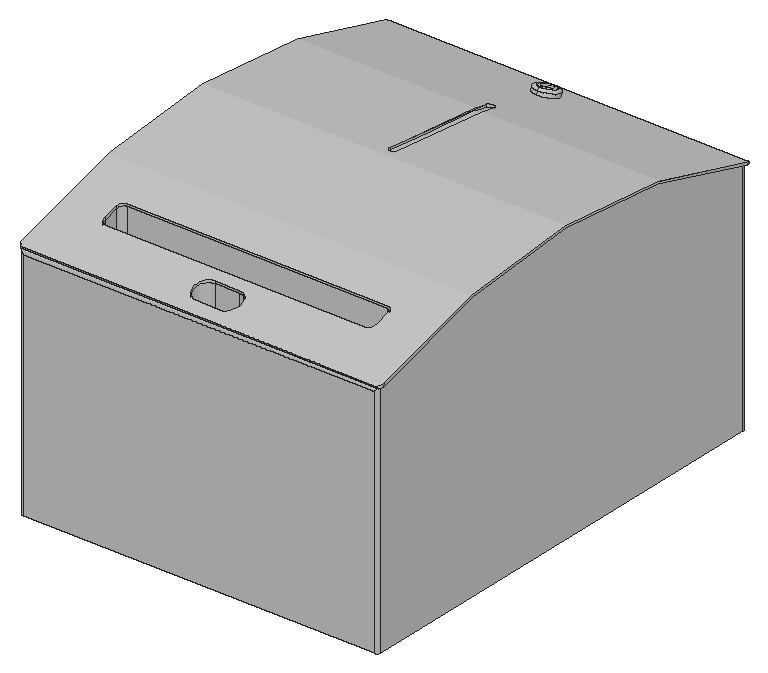
Revit family "PRD_AR_PprTwlDspnsrs_STRATOSElectronicPaperTowelDispenser_STRX630", category Specialty Equipment, host Face, Revit 2018
Family settings
  Host = Face
  Round Connector Dimension = Use Diameter
  Part Type = Normal
  OmniClass Number = 23.40.20.21.17
  OmniClass Title = Paper Towel Dispensers, Disposal Units
  Cut with Voids When Loaded = No
  Shared = No
  Room Calculation Point = No
Parameters (values of type "STRX630")
  WarrantyStartDate [instance] = "1900-12-31T23:59:59"
  WarrantyGuarantorParts = "n/a"
  WarrantyGuarantorLabor = "n/a"
  WarrantyDurationUnit = "year"
  WarrantyDurationParts = "n/a"
  WarrantyDurationLabor = "n/a"
  WarrantyDescription = "n/a"
  Version = "1"
  Uniclass2015Version = "Products v1.10"
  Uniclass2015Title = "Paper towel dispensers"
  Uniclass2015Code = "Pr_40_70_22_62"
  URL = "www.kwc.com"
  TypeOfOperation = "Sensor operation"
  TypeOfMounting = "Wall mounting"
  TypeOfFixing = "Screw"
  TypeOfConsumable = "Paper roll"
  TypeOfBatteries = "D Mono battery 1.5 V"
  TagNumber [instance] = "n/a"
  SustainabilityPerformance = "n/a"
  SurfaceTreatment = "InoxPlus (anti fingerprint)"
  Style = "dispenser"
  Size = "300 x 383 x 234 mm"
  Shape = "n/a"
  SerialNumber [instance] = "n/a"
  Revision = "n/a"
  ReplacementCost = "n/a"
  ProductInformation = "https://pim.kwc.com/product/2000057390/attachment/datasheet?locale=en"
  NumberOfBatteries = "4"
  NominalWidth = 300 mm
  NominalHeight = 383 mm
  NominalDepth = 234 mm
  NetWeight = 6.85 kg
  Name = "Electronic Paper Towel Dispenser STRX630"
  NBSTypeID = "n/a"
  NBSReference = "45-35-72/344"
  NBSOfficeMasterTag = "n/a"
  NBSNote = "n/a"
  NBSDescription = "Paper towel dispensers"
  NBSCertification = "n/a"
  ModelReference = "STRX630"
  ModelNumber = "2000057390"
  Model = ModelReference  # "STRX630"
  MaximumDepthOfConsumable = "205.00 mm"
  MaximumDepthDiameterOfConsumable = "220.00 mm"
  MaterialThickness = "1.50 mm"
  MaterialCode = "1.4301"
  Material = "stainless steel"
  ManufacturerURL = "www.kwc.com"
  ManufacturerName = "KWC Group AG"  # constant formula
  Manufacturer = ManufacturerName  # "KWC Group AG"
  MainColor = "stainless steel"
  Lock = "Key-lock"
  IsBuiltIn = "TRUE"
  IntegralAccessories = "incl. stainless steel screws and dowels"
  InstallationDate [instance] = "1900-12-31T23:59:59"
  IfcExportType = "USERDEFINIED"
  IfcExportAs = "IfcFurnitureType"
  GrossWeight = 7.85 kg
  Grade = "n/a"
  Finish = "satin finished"
  FillingQuantityUom = "Rolls"
  FillingQuantity = "1"
  Features = "stainless steel, surface satin finished"
  ExpectedLife = "n/a"
  DurationUnit = "year"
  DispenserMaterial = PRD_AR_StainlessSteel_SatinFinished
  Description = "Touch free paper towel dispenser for wall mounting, stainless steel, surface satin finished, front with InoxPlus surface refinement for the reduction of finger marks and better cleaning characteristics (easy to clean), material thickness 1.5 mm, curved front cover, cylinder lock with KWC standard key, infrared sensor activity for non-touch operation, integrated tear-off edge, incl. 4 pcs. standard D 1.5 V batteries, maintenance free mechanic and easy paper roll change mechanism, for rolls with max. width 205 mm and max. diameter 200 mm, paper length adjustable to 200, 250 and 300 mm, includes stainless steel screws and dowels."
  Default Elevation = 850 mm
  CreatedOn = "11/2019"  # constant formula
  Constituents = "n/a"
  Color = "n/a"
  CodePerformance = "n/a"
  Category = "Pr_40_70_22_62, Paper Towel Dispensers"
  BarCode [instance] = "n/a"
  BIMObjectName = "PRD_AR_PaperTowelDispensers_STRATOSElectronicPaperTowelDispenser_STRX630"
  Author = "Archispace"  # constant formula
  AssetType = "Fixed"
  AssetIdentifier [instance] = "n/a"
  AccessibilityPerformance = "n/a"
Reference planes
  plane 1 "Center (Front/Back)": y = 0
  plane 2: z = 0
  plane 3 "Center (Left/Right)": x = 0
  plane 4: z = 230
  plane 5: through (0, -17.333, 217.879) normal (0, -0.0274, 0.9996)
Dimensions and locks
  plane 4 to host face = 230 mm
  aligned and locked: plane 2 to host face
  aligned and locked: level to host face
Nested families
  nested 1: "STRX630" at (0, 0, 0), type "STRX630"
Definition of nested family "STRX630"
  Parameters (values of type "FRK209012")
    Material = none
    Default Elevation = 1219.2 mm
  Reference planes
    plane 1 "Center (Front/Back)": y = 0
    plane 2: z = 0
    plane 3 "Center (Left/Right)": x = 0
  Forms (mm)
    Extrusion 1, solid
      sketch origin (0, 0, 0) x (1, 0, 0) y (0, 1, 0)
        loop
          line (-250, 320) -> (-250, -454.334) -> (229.163, -454.334) -> (229.163, 320) -> (-250, 320)
      from 0 to -60
    Extrusion 2, solid, material <- "Material", detail levels fine
      sketch origin (0, 0, 0) x (0, 1, 0) y (0, 0, 1)
        loop
          line (-190, 0) -> (190, 0) -> (190, 196.896)
          arc (190, 196.896) -> (1.723, 232.516) -> (-186.781, 198.117) r 524.384
          arc (-186.781, 198.117) -> (-189.117, 196.282) -> (-190, 193.445) r 5
          line (-190, 193.445) -> (-190, 0)
      from -148 to 148
    Extrusion 3, solid, material <- "Material", detail levels fine
      sketch origin (0, 0, 0) x (0, 1, 0) y (0, 0, 1)
        loop
          line (192.454, 195.935) -> (192.991, 197.336)
          arc (192.991, 197.336) -> (1.448, 234.017) -> (-190.29, 198.374) r 525.884
          line (-190.29, 198.374) -> (-189.762, 196.97)
          arc (-189.762, 196.97) -> (1.444, 232.517) -> (192.454, 195.935) r 524.384
      from -150.002 to 149.998
    Revolve 4, solid, material <- "Material", detail levels fine
      sketch origin (0, 0, 0) x (0, 1, 0) y (0, 0, 1)
        loop
          line (168.507, 206.309) -> (177.964, 203.136) -> (178.807, 205.648)
          arc (178.807, 205.648) -> (178.701, 207.176) -> (177.547, 208.181) r 2
          line (177.547, 208.181) -> (175.879, 208.74)
          arc (175.879, 208.74) -> (175.649, 209.204) -> (175.217, 209.49) r 1
          line (175.217, 209.49) -> (170.145, 211.192) -> (168.507, 206.309)
        axis (168.507, 206.309) -> (170.145, 211.192)
      angle from 0 to 360
    Revolve 5, solid, material <- "Material", detail levels medium
      sketch origin (0, 0, 0) x (0, 1, 0) y (0, 0, 1)
        loop
          line (168.507, 206.309) -> (177.964, 203.136) -> (179.602, 208.019) -> (170.145, 211.192) -> (168.507, 206.309)
        axis (168.507, 206.309) -> (170.145, 211.192)
      angle from 0 to 360
    Extrusion 6, void
      sketch origin (0, 0, 0) x (1, 0, 0) y (0, 1, 0)
        loop
          line (145.191, -190.667) -> (145.191, -192.353) -> (153.077, -192.353) -> (153.077, -185.667) -> (150.191, -185.667)
          arc (150.191, -185.667) -> (148.727, -189.203) -> (145.191, -190.667) r 5
        loop
          arc (-145.002, -190.509) -> (-148.679, -188.986) -> (-150.202, -185.309) r 5.2
          line (-150.202, -185.309) -> (-152.902, -185.309) -> (-152.902, -192.652) -> (-145.002, -192.652) -> (-145.002, -190.509)
        loop
          arc (-150.202, 187.991) -> (-148.679, 191.667) -> (-145.002, 193.191) r 5.2
          line (-145.002, 193.191) -> (-145.002, 195.316) -> (-152.058, 195.316) -> (-152.058, 187.991) -> (-150.202, 187.991)
        loop
          arc (145.002, 193.191) -> (148.679, 191.667) -> (150.202, 187.991) r 5.2
          line (150.202, 187.991) -> (151.985, 187.991) -> (151.985, 194.907) -> (145.002, 194.907) -> (145.002, 193.191)
      from 179.088 to 209.26
    Extrusion 7, void
      sketch origin (0, 0, 0) x (1, 0, 0) y (0, 1, 0)
        loop
          line (-3.502, 110.281) -> (-3.502, 11.266)
          arc (-3.502, 11.266) -> (-0.002, 7.766) -> (3.498, 11.266) r 3.5
          line (3.498, 11.266) -> (3.498, 110.281)
          arc (3.498, 110.281) -> (-0.002, 113.781) -> (-3.502, 110.281) r 3.5
      from 204.98 to 250
    Extrusion 8, void
      sketch origin (0, 0, 0) x (1, 0, 0) y (0, 1, 0)
        loop
          line (-107.502, -152.359) -> (107.498, -152.359)
          arc (107.498, -152.359) -> (111.034, -150.894) -> (112.498, -147.359) r 5
          line (112.498, -147.359) -> (112.498, -135.178)
          arc (112.498, -135.178) -> (111.034, -131.643) -> (107.498, -130.178) r 5
          line (107.498, -130.178) -> (-107.502, -130.178)
          arc (-107.502, -130.178) -> (-111.037, -131.643) -> (-112.502, -135.178) r 5
          line (-112.502, -135.178) -> (-112.502, -147.359)
          arc (-112.502, -147.359) -> (-111.037, -150.894) -> (-107.502, -152.359) r 5
        loop
          arc (-10.002, -161.353) -> (-19.493, -170.844) -> (-10.002, -180.336) r 9.491
          line (-10.002, -180.336) -> (9.998, -180.336)
          arc (9.998, -180.336) -> (19.49, -170.844) -> (9.998, -161.353) r 9.491
          line (9.998, -161.353) -> (-10.002, -161.353)
      from 186.654 to 250
    Extrusion 9, void
      sketch origin (0, 0, 0) x (1, 0, 0) y (0, 1, 0)
        loop
          line (-148, 190) -> (-148, 187)
          arc (-148, 187) -> (-147.121, 189.121) -> (-145, 190) r 3
          line (-145, 190) -> (-148, 190)
        loop
          line (148, 190) -> (145, 190)
          arc (145, 190) -> (147.121, 189.121) -> (148, 187) r 3
          line (148, 187) -> (148, 190)
        loop
          line (-148, -190) -> (-145, -190)
          arc (-145, -190) -> (-147.121, -189.121) -> (-148, -187) r 3
          line (-148, -187) -> (-148, -190)
        loop
          line (148, -190) -> (148, -187)
          arc (148, -187) -> (147.121, -189.121) -> (145, -190) r 3
          line (145, -190) -> (148, -190)
      from -17.408 to 250
    Extrusion 10, solid, material <- "Material", detail levels medium
      sketch origin (0, 0, 0) x (0, 1, 0) y (0, 0, 1)
        loop
          line (-190, 0) -> (190, 0) -> (190, 196.896)
          arc (190, 196.896) -> (1.723, 232.516) -> (-186.781, 198.117) r 524.384
          arc (-186.781, 198.117) -> (-189.117, 196.282) -> (-190, 193.445) r 5
          line (-190, 193.445) -> (-190, 0)
      from -148 to 148
    Extrusion 11, solid, material <- "Material", detail levels medium
      sketch origin (0, 0, 0) x (0, 1, 0) y (0, 0, 1)
        loop
          line (192.454, 195.935) -> (192.991, 197.336)
          arc (192.991, 197.336) -> (1.448, 234.017) -> (-190.29, 198.374) r 525.884
          line (-190.29, 198.374) -> (-189.762, 196.97)
          arc (-189.762, 196.97) -> (1.444, 232.517) -> (192.454, 195.935) r 524.384
      from -150.002 to 149.998
    Extrusion 12, solid, material <- "Material", detail levels coarse
      sketch origin (0, 0, 0) x (0, 1, 0) y (0, 0, 1)
        loop
          line (190, 0) -> (190, 234.019) -> (-190, 234.019) -> (-190, 0) -> (190, 0)
      from -150.002 to 149.998
  Cuts and joins
    Extrusion 6, Extrusion 7, Extrusion 8 cuts Extrusion 3
    Extrusion 8, Extrusion 9 cuts Extrusion 2
  Dimensions and locks
    aligned and locked: plane 2 to Extrusion 1
    aligned and locked: level to Extrusion 1
